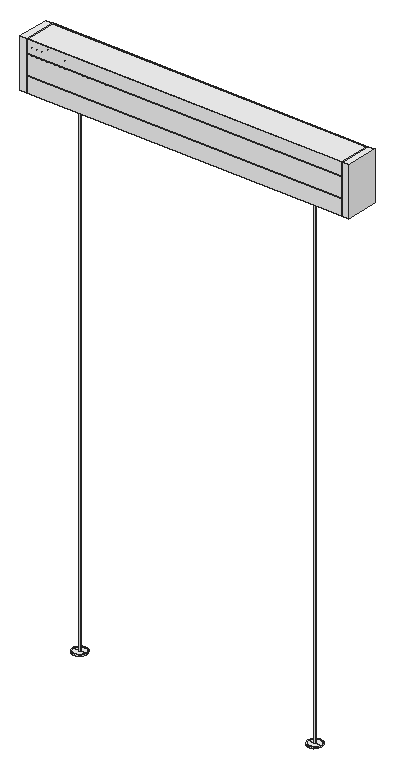
Revit family "2.3 inch  MAGIC WALL WASH LINEAR LIGHT", category Lighting Fixtures, host Face, Revit 2020
Family settings
  Host = Face
  Round Connector Dimension = Use Diameter
  Part Type = Normal
  Cut with Voids When Loaded = No
  Light Source = Yes
  Shared = No
  Room Calculation Point = No
Parameters (values of type "MAG0623-SW1-PSM-WID-FDL")
  Wattage Comments = "10W/15W/20W"
  Wattage = 15.4838 W
  Wall Mount = no
  built-in parameter 1150110 = 1 (stored number, unit not read)
  Voltage = "120-277 V"  # constant formula
  URL = "https://www.abovealllighting.com/product/LED-INDOOR-FIXTURE/Linear/23InchMagicWallWashLinearLightDirectIndi.html"
  Type Comments = "2.3 MAGIC WALL WASH LINEAR LIGHT"  # constant formula
  built-in parameter 1114217 = 1 (stored number, unit not read)
  Tilt Angle = -90.00°
  built-in parameter 1150109 = 1 (stored number, unit not read)
  built-in parameter 1150134 = 12
  Suspenders Distance = Fixture Length - 0' 6 23/32"  # 1' - 4 251/256"
  Surface Mount = yes
  built-in parameter 1150113 = 1 (stored number, unit not read)
  Recessed Mount = no
  Photometric Web File = "generic"
  Pendent Mount = yes
  Pendant Rod Length = 3' - 0"
  Order number = "18362"
  built-in parameter 1150142 = (empty or 0)
  Model = "MAG0623-SW1-PSM-WID-FDL"
  Manufacturer = "Above All Lighting"  # constant formula
  built-in parameter 1150105 = 183.03 (stored number, unit not read)
  Lumens = 2300 lm
  built-in parameter 1150115 = 1 (stored number, unit not read)
  Light Source Height = 3' - 4"
  Light Source Distance = 0' - 0"
  built-in parameter 1150137 = (empty or 0)
  built-in parameter 1150139 = (empty or 0)
  built-in parameter 1150112 = 1 (stored number, unit not read)
  built-in parameter 1150114 = 1 (stored number, unit not read)
  Inside Element = white inside
  built-in parameter 1150132 = 2
  built-in parameter 1150102 = (empty or 0)
  built-in parameter 1150107 = 4000 (stored number, unit not read)
  built-in parameter 1150138 = (empty or 0)
  built-in parameter 1150106 = 1.8303 (stored number, unit not read)
  IP Rating = "20"  # constant formula
  Fixture Width = 0' - 2 87/256"
  Fixture Length = 1' - 11 179/256"
  Fixture Height = 0' - 3 59/128"
  Finish/Color = White Aluminum
  built-in parameter 1150104 = 13.8 (stored number, unit not read)
  Dimming Lamp Color Temperature Shift = <None>
  Dimming / Control = "0-10 V"  # constant formula
  Description = "This Magic Wall Wash Linear Light is 30° tilt for accent lighting. 2.3 wide linear architectural luminaire with \r\na slim and discreet profile. The MAGIC is available in standard lengths of 2, 3, 4, and 8, and can be joined \r\ntogether in seamless runs of desired length. The MAGIC is an affordable indirect/direct linear LED luminaire."  # constant formula
  Default Elevation = 0' - 0"
  Color Filter = 16777215
  CRI = "80"  # constant formula
  built-in parameter 1114218 = 1 (stored number, unit not read)
  Average life based on 77F(HRS) = "50000"  # constant formula
  built-in parameter 1150133 = 10 (stored number, unit not read)
Reference planes (in)
  plane 1 "Center (Front/Back)": y = 0
  plane 2: z = 0
  plane 3 "Center (Left/Right)": x = 0
  plane 4: z = 36
  plane 5: z = 39.12109
  plane 6: x = -11.84961
  plane 7: x = 11.84961
  plane 8: y = 1.16992
  plane 9: y = -1.16992
  plane 10: z = 40
  plane 11: y = 0
Dimensions and locks (in)
  "Pendant Rod Length": plane 4 to plane 2
  locked: plane 5 to plane 4 at 3.12109
  equal spacing: plane 7, plane 3 "Center (Left/Right)", plane 6
  "Fixture Length": plane 7 to plane 6
  equal spacing: plane 8, plane 1 "Center (Front/Back)", plane 9
  "Fixture Width": plane 8 to plane 9
  "Light Source Height": plane 10 to plane 2
  "Light Source Distance": plane 1 "Center (Front/Back)" to plane 11
  aligned and locked: plane 2 to host face
  aligned and locked: level to host face
  aligned and locked: plane 3 "Center (Left/Right)" to nested 1
  aligned and locked: plane 2 to nested 1
  aligned and locked: nested 1 to plane 2
  aligned and locked: plane 1 "Center (Front/Back)" to nested 1
  aligned and locked: plane 1 "Center (Front/Back)" to nested 2
  aligned and locked: plane 3 "Center (Left/Right)" to nested 2
  aligned and locked: plane 2 to nested 2
  aligned and locked: plane 1 "Center (Front/Back)" to nested 3
  aligned and locked: plane 5 to nested 3
  aligned and locked: plane 1 "Center (Front/Back)" to nested 4
  aligned and locked: plane 10 to imposter light
  aligned and locked: imposter light to plane 11
Automatic sketch dimensions
  host sketch curve to host sketch curve = 8' - 0"  (x2)
Nested families (in)
  nested 1: "PENDENT MOUNT BODY" at (0, 0, 0), Pendant Rod Length <- "Pendant Rod Length", Suspenders Distance <- "Suspenders Distance", visible <- "Pendent Mount", Pendent Mount <- "Pendent Mount", Body Material <- "Finish/Color", type "PENDENT MOUNT BODY"
    with Suspenders Distance 1' - 4 251/256", Pendent Mount yes, Pendant Rod Length 3' - 0", Body Material White Aluminum
  nested 2: "RECESSED MOUNT BODY" at (0, 0, 0), Fixture Height <- "Fixture Height", Fixture Length <- "Fixture Length", Fixture Width <- "Fixture Width", Body Material <- "Finish/Color", Inside Element <- "Inside Element", visible <- "Recessed Mount", Recessed Mount <- "Recessed Mount", type "RECESSED MOUNT BODY"
    with Recessed Mount no, Inside Element white inside, Fixture Width 0' - 2 87/256", Fixture Length 1' - 11 179/256", Fixture Height 0' - 3 59/128", Body Material White Aluminum
  nested 3: "SURFACE MOUNT BODY" at (0, 0, 35.66016), Fixture Height <- "Fixture Height", Fixture Length <- "Fixture Length", Fixture Width <- "Fixture Width", Body Material <- "Finish/Color", Inside Element <- "Inside Element", Surface Mount <- "Surface Mount", visible <- "Surface Mount", type "SURFACE MOUNT BODY"
    with Surface Mount yes, Inside Element white inside, Fixture Width 0' - 2 87/256", Fixture Length 1' - 11 179/256", Fixture Height 0' - 3 59/128", Body Material White Aluminum
  nested 4: "WALL MOUNT BODY" at (0, 0, 0), Fixture Height <- "Fixture Height", Fixture Length <- "Fixture Length", Fixture Width <- "Fixture Width", Body Material <- "Finish/Color", Inside Element <- "Inside Element", visible <- "Wall Mount", Wall Mount <- "Wall Mount", type "WALL MOUNT BODY"
    with Wall Mount no, Inside Element white inside, Fixture Width 0' - 2 87/256", Fixture Length 1' - 11 179/256", Fixture Height 0' - 3 59/128", Body Material White Aluminum
Connectors (in)
  electrical at (0, 0, 0)
    settings: on host face, index 1, voltage 0 V, apparent load 0 VA, apparent load phase1 0 VA, apparent load phase2 0 VA, apparent load phase3 0 VA, power factor 1, load classification "Other", number of poles 1, system type 31, power factor state 1, is connector primary yes, connector utility no, sub classification motor no, connector description ""
Definition of nested family "PENDENT MOUNT BODY"
  Parameters (values of type "PENDENT MOUNT BODY")
    Suspenders Distance [instance] = 3' - 0"
    Pendent Mount [instance] = yes
    Pendant Rod Length [instance] = 3' - 0"
    Default Elevation = 0' - 0"
    Body Material [instance] = none
  Reference planes (in)
    plane 1 "Center (Front/Back)": y = 0
    plane 2: z = 0
    plane 3 "Center (Left/Right)": x = 0
    plane 4: z = 36
    plane 5: x = -18
    plane 6: x = 18
  Forms (in)
    Revolve 1, solid, material <- "Body Material", visible <- "Pendent Mount"
      sketch origin (0, 0, 0) x (1, 0, 0) y (0, 0, 1)
        loop
          line (-18, 0) -> (-18, 36) -> (-18.10937, 36) -> (-18.10937, 35.76452) -> (-18.10937, 35.51414) -> (-18.0625, 35.51414) -> (-18.0625, 0.08153) -> (-18.47806, 0.08153)
          arc (-18.47806, 0.08153) -> (-18.49357, 0.0751) -> (-18.5, 0.05959) r 0.02194
          line (-18.5, 0.05959) -> (-18.5, 0) -> (-18, 0)
        axis (-18, 0) -> (-18, 36)
      angle from 0 to 360
    Revolve 2, solid, material <- "Body Material", visible <- "Pendent Mount"
      sketch origin (0, 0, 0) x (-1, 0, 0) y (0, 0, 1)
        loop
          line (-18, 0) -> (-18, 36) -> (-18.10938, 36) -> (-18.10938, 35.76452) -> (-18.10938, 35.51414) -> (-18.0625, 35.51414) -> (-18.0625, 0.08153) -> (-18.47806, 0.08153)
          arc (-18.47806, 0.08153) -> (-18.49357, 0.0751) -> (-18.5, 0.05959) r 0.02194
          line (-18.5, 0.05959) -> (-18.5, 0) -> (-18, 0)
        axis (-18, 0) -> (-18, 36)
      angle from 0 to 360
  Dimensions and locks (in)
    "Pendant Rod Length": plane 4 to plane 2
    equal spacing: plane 6, plane 3 "Center (Left/Right)", plane 5
    "Suspenders Distance": plane 6 to plane 5
    locked: Revolve 1 sketch curve to Revolve 1 sketch curve at 0.5
    locked: Revolve 1 sketch curve to Revolve 1 sketch curve at 0.0625
    locked: Revolve 1 sketch curve to Revolve 1 sketch curve at 0.10937
    locked: Revolve 1 sketch curve to Revolve 1 sketch curve at 0.48586
    locked: Revolve 2 sketch curve to Revolve 2 sketch curve at 0.5
    locked: Revolve 2 sketch curve to Revolve 2 sketch curve at 0.0625
    locked: Revolve 2 sketch curve to Revolve 2 sketch curve at 0.10937
    locked: Revolve 2 sketch curve to Revolve 2 sketch curve at 0.48586
    locked: Revolve 2 sketch curve to Revolve 2 sketch curve at 0.08153
    locked: Revolve 1 sketch curve to Revolve 1 sketch curve at 0.08153
    aligned and locked: plane 2 to level
    aligned and locked: plane 4 to Revolve 1 sketch curve
    aligned and locked: plane 5 to Revolve 1 sketch curve  (x2)
    aligned and locked: plane 2 to Revolve 1 sketch curve
    aligned and locked: Revolve 2 sketch curve to plane 2
    aligned and locked: plane 6 to Revolve 2 sketch curve  (x2)
    aligned and locked: Revolve 2 sketch curve to plane 4
  Automatic sketch dimensions
    Revolve 1 sketch curve to Revolve 1 sketch curve = 0' - 0.02194"
    Revolve 1 sketch curve to plane 4 = 0' - 0.23548"
    Revolve 1 sketch curve to Revolve 1 sketch curve = 0' - 0.35307"
    Revolve 1 sketch curve to Revolve 1 sketch curve = 0' - 0.43823"
    Revolve 2 sketch curve to Revolve 2 sketch curve = 0' - 0.02194"
    plane 4 to Revolve 2 sketch curve = 0' - 0.23548"
    Revolve 2 sketch curve to Revolve 2 sketch curve = 0' - 0.35307"
    Revolve 2 sketch curve to Revolve 2 sketch curve = 0' - 0.43823"
Definition of nested family "SURFACE MOUNT BODY"
  Parameters (values of type "SURFACE MOUNT BODY")
    Surface Mount [instance] = yes
    Inside Element [instance] = none
    Fixture Width [instance] = 0' - 2.34"
    Fixture Length [instance] = 2' - 11.71"
    Fixture Height [instance] = 0' - 3.46"
    Default Elevation = 0' - 0"
    Body Material [instance] = none
  Reference planes (in)
    plane 1 "Center (Front/Back)": y = 0
    plane 2: z = 0
    plane 3 "Center (Left/Right)": x = 0
    plane 4: z = 3.46
    plane 5: y = 1.17
    plane 6: y = -1.17
    plane 7: x = -17.855
    plane 8: x = 17.855
    plane 9: x = 17.355
    plane 10: x = -17.355
    plane 11: z = 0.33938
  Forms (in)
    Extrusion 1, solid, material <- "Body Material", visible <- "Surface Mount"
      sketch origin (0, 0, 0) x (0, 1, 0) y (0, 0, 1)
        loop
          line (1.17, 0) -> (1.17, 1.06892) -> (0.95352, 1.06892) -> (0.95352, 1.15387) -> (1.17, 1.15387) -> (1.17, 2.51051) -> (1.01057, 2.51051) -> (1.01057, 2.55372) -> (1.17, 2.55372) -> (1.17, 3.46) -> (1.11121, 3.46) -> (1.11121, 3.06508) -> (0.96383, 3.06508) -> (0.96383, 2.81508) -> (1.01057, 2.86182) -> (1.01057, 3.00443) -> (1.11121, 3.00443) -> (1.11121, 2.75443) -> (0.96383, 2.75443) -> (0.96383, 2.71329) -> (1.11121, 2.71329) -> (1.11121, 2.63333) -> (0.96383, 2.63333) -> (0.96383, 2.42979) -> (1.11121, 2.42979) -> (1.11121, 2.32984) -> (0.96383, 2.32984) -> (0.96383, 2.2299) -> (1.11121, 2.2299) -> (1.11121, 2.13864) -> (0.96383, 2.13864) -> (0.96383, 2.09084) -> (1.11121, 2.09084) -> (1.11121, 1.95155) -> (0.96383, 1.95155) -> (0.96383, 2.01501) -> (0.88603, 2.01501) -> (0.95352, 1.87028) -> (0.95352, 1.5893) -> (1.01057, 1.5893) -> (1.01057, 1.87787) -> (1.11121, 1.87787) -> (1.11121, 1.20684) -> (0.90512, 1.20684) -> (0.90512, 1.01541) -> (1.11121, 1.01541) -> (1.11121, 0.43453) -> (-0.05129, 0.43453) -> (-1.11121, 0.43453) -> (-1.11121, 1.01541) -> (-0.90512, 1.01541) -> (-0.90512, 1.20684) -> (-1.11121, 1.20684) -> (-1.11121, 1.87787) -> (-1.01057, 1.87787) -> (-1.01057, 1.5893) -> (-0.95352, 1.5893) -> (-0.95352, 1.87028) -> (-0.88603, 2.01501) -> (-0.96383, 2.01501) -> (-0.96383, 1.95155) -> (-1.11121, 1.95155) -> (-1.11121, 2.09084) -> (-0.96383, 2.09084) -> (-0.96383, 2.13864) -> (-1.11121, 2.13864) -> (-1.11121, 2.2299) -> (-0.96383, 2.2299) -> (-0.96383, 2.32984) -> (-1.11121, 2.32984) -> (-1.11121, 2.42979) -> (-0.96383, 2.42979) -> (-0.96383, 2.63333) -> (-1.11121, 2.63333) -> (-1.11121, 2.71329) -> (-0.96383, 2.71329) -> (-0.96383, 2.75443) -> (-1.11121, 2.75443) -> (-1.11121, 3.00443) -> (-1.01057, 3.00443) -> (-1.01057, 2.86182) -> (-0.96383, 2.81508) -> (-0.96383, 3.06508) -> (-1.11121, 3.06508) -> (-1.11121, 3.46) -> (-1.17, 3.46) -> (-1.17, 2.55372) -> (-1.01057, 2.55372) -> (-1.01057, 2.51051) -> (-1.17, 2.51051) -> (-1.17, 1.15387) -> (-0.95352, 1.15387) -> (-0.95352, 1.06892) -> (-1.17, 1.06892) -> (-1.17, 0) -> (-1.11121, 0) -> (-1.11121, 0.33938) -> (-0.03129, 0.33938) -> (1.11121, 0.33938) -> (1.11121, 0) -> (1.17, 0)
      from -17.355 to 17.355
    Extrusion 2, solid, material <- "Body Material", visible <- "Surface Mount"
      sketch origin (0, 0, 0) x (0, 1, 0) y (0, 0, 1)
        loop
          line (0.96383, 2.01501) -> (0.96383, 2.87951) -> (0.84091, 2.87951) -> (1.11121, 3.28025) -> (1.11121, 3.38605) -> (0.99765, 3.38605) -> (0.99765, 3.35338) -> (1.07436, 3.35338) -> (1.07436, 3.28804) -> (0.7988, 2.87951) -> (0.7988, 2.83525) -> (0.85396, 2.83525) -> (0.57141, 2.41636) -> (0.49966, 2.45292) -> (0.52411, 2.50091) -> (0.33223, 2.59868) -> (0.30777, 2.55069) -> (-0.907, 3.16965) -> (-1.07436, 3.25492) -> (-1.07436, 3.35338) -> (-0.99765, 3.35338) -> (-0.99765, 3.38605) -> (-1.11121, 3.38605) -> (-1.11121, 3.28025) -> (-1.11121, 3.21472) -> (-0.9648, 3.14011) -> (-0.9648, 2.01501) -> (0.96383, 2.01501)
        loop
          line (0, 2.07121) -> (0.89431, 2.07121) -> (0.89431, 2.82121) -> (0.57888, 2.35357) -> (0.44002, 2.42433) -> (0.46387, 2.47115) -> (0.35657, 2.52582) -> (0.33271, 2.479) -> (-0.88974, 3.10187) -> (-0.88974, 2.07121) -> (0, 2.07121)
      from -17.355 to 17.355
    Extrusion 3, solid, material <- "Inside Element", visible <- "Surface Mount"
      sketch origin (0, 0, 0) x (0, 1, 0) y (0, 0, 1)
        loop
          line (1.11121, 3.46) -> (-1.11121, 3.46) -> (-1.11121, 3.38605) -> (-0.99765, 3.38605) -> (-0.99765, 3.35338) -> (-1.036, 3.35338) -> (-1.036, 3.3102) -> (-0.96982, 3.3102) -> (-0.96982, 3.38605) -> (0.96982, 3.38605) -> (0.96982, 3.3102) -> (1.036, 3.3102) -> (1.036, 3.35338) -> (0.99765, 3.35338) -> (0.99765, 3.38605) -> (1.11121, 3.38605) -> (1.11121, 3.46)
      from -17.355 to 17.355
    Extrusion 4, solid, material <- "Body Material", visible <- "Surface Mount"
      sketch origin (0, 0, 0) x (1, 0, 0) y (0, 1, 0)
        loop
          line (17.355, 1.17) -> (17.355, -1.17) -> (17.855, -1.17) -> (17.855, 1.17) -> (17.355, 1.17)
        loop
          line (-17.355, 1.17) -> (-17.855, 1.17) -> (-17.855, -1.17) -> (-17.355, -1.17) -> (-17.355, 1.17)
      from 0 to 3.46
  Dimensions and locks (in)
    "Fixture Height": plane 4 to plane 2
    equal spacing: plane 5, plane 1 "Center (Front/Back)", plane 6
    "Fixture Width": plane 5 to plane 6
    equal spacing: plane 8, plane 3 "Center (Left/Right)", plane 7
    "Fixture Length": plane 8 to plane 7
    locked: plane 8 to plane 9 at 0.5
    locked: plane 7 to plane 10 at 0.5
    locked: plane 11 to plane 2 at 0.33938
    aligned and locked: plane 2 to level
    aligned and locked: plane 6 to Extrusion 4
    aligned and locked: Extrusion 4 to plane 5
    aligned and locked: Extrusion 1 to plane 2  (x2)
    aligned and locked: Extrusion 1 to plane 11  (x2)
    aligned and locked: plane 4 to Extrusion 4
    aligned and locked: Extrusion 4 to plane 4  (x7)
    aligned and locked: plane 4 to Extrusion 3
    aligned and locked: plane 4 to Extrusion 1  (x2)
    aligned and locked: Extrusion 4 to plane 7
    aligned and locked: plane 8 to Extrusion 4
    aligned and locked: Extrusion 4 to plane 2
    aligned and locked: plane 2 to Extrusion 4
    aligned and locked: Extrusion 4 to Extrusion 1  (x2)
    aligned and locked: Extrusion 3 to Extrusion 1
    aligned and locked: Extrusion 1 to Extrusion 3
    aligned and locked: Extrusion 1 to Extrusion 2  (x2)
    aligned and locked: plane 10 to Extrusion 3
    aligned and locked: Extrusion 3 to Extrusion 2
    aligned and locked: plane 9 to Extrusion 3
    aligned and locked: Extrusion 3 to plane 9  (x3)
    aligned and locked: Extrusion 3 to plane 10  (x3)
  Automatic sketch dimensions
    Extrusion 1 sketch curve to level = 0' - 0"  (x2)
    Extrusion 1 sketch curve to plane 6 = 0' - 0"  (x3)
    Extrusion 1 sketch curve to plane 4 = 0' - 0"  (x2)
    plane 1 "Center (Front/Back)" to Extrusion 1 sketch curve = 0' - 0.03129"
    plane 1 "Center (Front/Back)" to Extrusion 1 sketch curve = 0' - 0.05129"
    Extrusion 1 sketch curve to plane 5 = 0' - 0"  (x3)
    Extrusion 1 sketch curve to plane 6 = 0' - 0.05879"  (x5)
    Extrusion 1 sketch curve to Extrusion 1 sketch curve = 0' - 0.05879"  (x3)
    Extrusion 1 sketch curve to Extrusion 1 sketch curve = 0' - 0"  (x10)
    Extrusion 1 sketch curve to Extrusion 1 sketch curve = 0' - 0.10064"  (x3)
    Extrusion 1 sketch curve to Extrusion 1 sketch curve = 0' - 0.04674"  (x5)
    Extrusion 1 sketch curve to Extrusion 1 sketch curve = 0' - 0.14738"
    Extrusion 1 sketch curve to Extrusion 1 sketch curve = 0' - 0.15769"
    Extrusion 1 sketch curve to Extrusion 1 sketch curve = 0' - 0.05704"  (x2)
    Extrusion 1 sketch curve to Extrusion 1 sketch curve = 0' - 0.0484"  (x2)
    Extrusion 1 sketch curve to Extrusion 1 sketch curve = 0' - 0.0778"
    plane 5 to Extrusion 1 sketch curve = 0' - 0.28397"
    plane 5 to Extrusion 1 sketch curve = 0' - 0.26488"
    plane 5 to Extrusion 1 sketch curve = 0' - 0.21648"
    plane 5 to Extrusion 1 sketch curve = 0' - 0.20617"
    Extrusion 1 sketch curve to Extrusion 1 sketch curve = 0' - 0.01031"
    plane 5 to Extrusion 1 sketch curve = 0' - 0.05879"  (x8)
    Extrusion 1 sketch curve to Extrusion 1 sketch curve = 0' - 0.33938"
    Extrusion 1 sketch curve to Extrusion 1 sketch curve = 0' - 0.09515"
    Extrusion 1 sketch curve to Extrusion 1 sketch curve = 0' - 0.58088"  (x2)
    Extrusion 1 sketch curve to Extrusion 1 sketch curve = 0' - 0.05351"  (x2)
    Extrusion 1 sketch curve to Extrusion 1 sketch curve = 0' - 0.08495"  (x2)
    Extrusion 1 sketch curve to Extrusion 1 sketch curve = 0' - 0.05297"  (x2)
    Extrusion 1 sketch curve to Extrusion 1 sketch curve = 0' - 0.38246"  (x2)
    Extrusion 1 sketch curve to Extrusion 1 sketch curve = 0' - 0.28098"  (x2)
    Extrusion 1 sketch curve to Extrusion 1 sketch curve = 0' - 0.0076"  (x2)
    Extrusion 1 sketch curve to Extrusion 1 sketch curve = 0' - 0.08128"
    Extrusion 1 sketch curve to Extrusion 1 sketch curve = 0' - 0.07368"
    Extrusion 1 sketch curve to Extrusion 1 sketch curve = 0' - 0.06346"  (x2)
    Extrusion 1 sketch curve to Extrusion 1 sketch curve = 0' - 0.13929"
    Extrusion 1 sketch curve to Extrusion 1 sketch curve = 0' - 0.07583"
    Extrusion 1 sketch curve to Extrusion 1 sketch curve = 0' - 0.0478"  (x2)
    Extrusion 1 sketch curve to Extrusion 1 sketch curve = 0' - 0.09125"  (x2)
    Extrusion 1 sketch curve to Extrusion 1 sketch curve = 0' - 0.09994"  (x4)
    Extrusion 1 sketch curve to Extrusion 1 sketch curve = 0' - 0.08072"  (x2)
    Extrusion 1 sketch curve to Extrusion 1 sketch curve = 0' - 0.04321"  (x2)
    Extrusion 1 sketch curve to Extrusion 1 sketch curve = 0' - 0.07961"  (x2)
    Extrusion 1 sketch curve to Extrusion 1 sketch curve = 0' - 0.07996"  (x2)
    Extrusion 1 sketch curve to Extrusion 1 sketch curve = 0' - 0.04114"  (x2)
    Extrusion 1 sketch curve to Extrusion 1 sketch curve = 0' - 0.06065"  (x4)
    Extrusion 1 sketch curve to Extrusion 1 sketch curve = 0' - 0.14261"  (x2)
    Extrusion 2 sketch curve to plane 1 "Center (Front/Back)" = 0' - 0"
    Extrusion 2 sketch curve to plane 6 = 0' - 0.28026"
    Extrusion 2 sketch curve to Extrusion 2 sketch curve = 0' - 0.01726"
    Extrusion 2 sketch curve to Extrusion 2 sketch curve = 0' - 0.0578"
    Extrusion 2 sketch curve to plane 6 = 0' - 0.17235"
    Extrusion 2 sketch curve to plane 6 = 0' - 0.09564"
    Extrusion 2 sketch curve to Extrusion 2 sketch curve = 0' - 0.03685"  (x2)
    Extrusion 2 sketch curve to plane 1 "Center (Front/Back)" = 0' - 0.30777"
    Extrusion 2 sketch curve to Extrusion 2 sketch curve = 0' - 0.02445"  (x2)
    Extrusion 2 sketch curve to Extrusion 2 sketch curve = 0' - 0.02494"
    Extrusion 2 sketch curve to Extrusion 2 sketch curve = 0' - 0.02386"  (x2)
    Extrusion 2 sketch curve to Extrusion 2 sketch curve = 0' - 0.1073"
    Extrusion 2 sketch curve to Extrusion 2 sketch curve = 0' - 0.03578"
    Extrusion 2 sketch curve to Extrusion 2 sketch curve = 0' - 0.07175"
    Extrusion 2 sketch curve to Extrusion 2 sketch curve = 0' - 0.00747"
    plane 5 to Extrusion 2 sketch curve = 0' - 0.3712"
    Extrusion 2 sketch curve to Extrusion 2 sketch curve = 0' - 0.04211"
    Extrusion 2 sketch curve to Extrusion 2 sketch curve = 0' - 0.01305"
    Extrusion 2 sketch curve to Extrusion 2 sketch curve = 0' - 0.04035"
    Extrusion 2 sketch curve to Extrusion 2 sketch curve = 0' - 0.06952"
    plane 5 to Extrusion 2 sketch curve = 0' - 0.17235"
    plane 5 to Extrusion 2 sketch curve = 0' - 0.09564"
    Extrusion 2 sketch curve to plane 4 = 0' - 1.44499"
    Extrusion 2 sketch curve to Extrusion 2 sketch curve = 0' - 0.0562"
    Extrusion 2 sketch curve to Extrusion 2 sketch curve = 0' - 0.28236"
    Extrusion 2 sketch curve to Extrusion 2 sketch curve = 0' - 0.06279"
    Extrusion 2 sketch curve to Extrusion 2 sketch curve = 0' - 0.00797"
    Extrusion 2 sketch curve to Extrusion 2 sketch curve = 0' - 0.01823"
    Extrusion 2 sketch curve to Extrusion 2 sketch curve = 0' - 0 41/128"
    Extrusion 2 sketch curve to Extrusion 2 sketch curve = 0' - 0.01405"
    Extrusion 2 sketch curve to Extrusion 2 sketch curve = 0' - 0.05831"
    Extrusion 2 sketch curve to Extrusion 2 sketch curve = 0' - 0"
    Extrusion 2 sketch curve to Extrusion 2 sketch curve = 0' - 0.02953"
    Extrusion 2 sketch curve to Extrusion 2 sketch curve = 0' - 0.0746"
    Extrusion 2 sketch curve to Extrusion 2 sketch curve = 0' - 0.0402"
    Extrusion 2 sketch curve to Extrusion 2 sketch curve = 0' - 0.02533"
    Extrusion 2 sketch curve to plane 4 = 0' - 0.17975"
    Extrusion 2 sketch curve to Extrusion 2 sketch curve = 0' - 0.00779"
    Extrusion 2 sketch curve to Extrusion 2 sketch curve = 0' - 0.06534"
    Extrusion 2 sketch curve to Extrusion 2 sketch curve = 0' - 0.07313"
    Extrusion 2 sketch curve to Extrusion 2 sketch curve = 0' - 0.03267"  (x2)
    Extrusion 3 sketch curve to plane 4 = 0' - 0"
    Extrusion 3 sketch curve to plane 6 = 0' - 0.05879"
    Extrusion 3 sketch curve to Extrusion 3 sketch curve = 0' - 0.07521"
    Extrusion 3 sketch curve to Extrusion 3 sketch curve = 0' - 0.03835"  (x2)
    Extrusion 3 sketch curve to Extrusion 3 sketch curve = 0' - 0.02783"  (x2)
    Extrusion 3 sketch curve to plane 4 = 0' - 0.07395"  (x2)
    plane 5 to Extrusion 3 sketch curve = 0' - 0.20018"
    plane 5 to Extrusion 3 sketch curve = 0' - 0.05879"
    Extrusion 3 sketch curve to Extrusion 3 sketch curve = 0' - 0.03267"  (x2)
    Extrusion 3 sketch curve to Extrusion 3 sketch curve = 0' - 0.04318"  (x2)
    Extrusion 3 sketch curve to Extrusion 3 sketch curve = 0' - 0"
    plane 5 to Extrusion 4 sketch curve = 0' - 0"  (x2)
    Extrusion 4 sketch curve to plane 7 = 0' - 0"
    plane 6 to Extrusion 4 sketch curve = 0' - 0"  (x2)
    Extrusion 4 sketch curve to plane 10 = 0' - 0"
    Extrusion 4 sketch curve to plane 9 = 0' - 0"
    Extrusion 4 sketch curve to plane 8 = 0' - 0"
Definition of nested family "RECESSED MOUNT BODY"
  Parameters (values of type "RECESSED MOUNT BODY")
    Recessed Mount [instance] = yes
    Inside Element [instance] = none
    Fixture Width [instance] = 0' - 2.34"
    Fixture Length [instance] = 2' - 11.71"
    Fixture Height [instance] = 0' - 3.46"
    Default Elevation = 0' - 0"
    Body Material [instance] = none
  Reference planes (in)
    plane 1 "Center (Front/Back)": y = 0
    plane 2: z = 0
    plane 3 "Center (Left/Right)": x = 0
    plane 4: z = 3.46
    plane 5: y = 1.17
    plane 6: y = -1.17
    plane 7: x = -17.855
    plane 8: x = 17.855
    plane 9: x = 17.355
    plane 10: x = -17.355
    plane 11: z = 0.33938
  Forms (in)
    Extrusion 1, solid, material <- "Body Material", visible <- "Recessed Mount"
      sketch origin (0, 0, -3.46) x (0, 1, 0) y (0, 0, 1)
        loop
          line (1.17, 0) -> (1.17, 1.06892) -> (0.95352, 1.06892) -> (0.95352, 1.15387) -> (1.17, 1.15387) -> (1.17, 2.51051) -> (1.01057, 2.51051) -> (1.01057, 2.55372) -> (1.17, 2.55372) -> (1.17, 3.46) -> (1.11121, 3.46) -> (1.11121, 3.06508) -> (0.96383, 3.06508) -> (0.96383, 2.81508) -> (1.01057, 2.86182) -> (1.01057, 3.00443) -> (1.11121, 3.00443) -> (1.11121, 2.75443) -> (0.96383, 2.75443) -> (0.96383, 2.71329) -> (1.11121, 2.71329) -> (1.11121, 2.63333) -> (0.96383, 2.63333) -> (0.96383, 2.42979) -> (1.11121, 2.42979) -> (1.11121, 2.32984) -> (0.96383, 2.32984) -> (0.96383, 2.2299) -> (1.11121, 2.2299) -> (1.11121, 2.13864) -> (0.96383, 2.13864) -> (0.96383, 2.09084) -> (1.11121, 2.09084) -> (1.11121, 1.95155) -> (0.96383, 1.95155) -> (0.96383, 2.01501) -> (0.88603, 2.01501) -> (0.95352, 1.87028) -> (0.95352, 1.5893) -> (1.01057, 1.5893) -> (1.01057, 1.87787) -> (1.11121, 1.87787) -> (1.11121, 1.20684) -> (0.90512, 1.20684) -> (0.90512, 1.01541) -> (1.11121, 1.01541) -> (1.11121, 0.43453) -> (-0.05129, 0.43453) -> (-1.11121, 0.43453) -> (-1.11121, 1.01541) -> (-0.90512, 1.01541) -> (-0.90512, 1.20684) -> (-1.11121, 1.20684) -> (-1.11121, 1.87787) -> (-1.01057, 1.87787) -> (-1.01057, 1.5893) -> (-0.95352, 1.5893) -> (-0.95352, 1.87028) -> (-0.88603, 2.01501) -> (-0.96383, 2.01501) -> (-0.96383, 1.95155) -> (-1.11121, 1.95155) -> (-1.11121, 2.09084) -> (-0.96383, 2.09084) -> (-0.96383, 2.13864) -> (-1.11121, 2.13864) -> (-1.11121, 2.2299) -> (-0.96383, 2.2299) -> (-0.96383, 2.32984) -> (-1.11121, 2.32984) -> (-1.11121, 2.42979) -> (-0.96383, 2.42979) -> (-0.96383, 2.63333) -> (-1.11121, 2.63333) -> (-1.11121, 2.71329) -> (-0.96383, 2.71329) -> (-0.96383, 2.75443) -> (-1.11121, 2.75443) -> (-1.11121, 3.00443) -> (-1.01057, 3.00443) -> (-1.01057, 2.86182) -> (-0.96383, 2.81508) -> (-0.96383, 3.06508) -> (-1.11121, 3.06508) -> (-1.11121, 3.46) -> (-1.17, 3.46) -> (-1.17, 2.55372) -> (-1.01057, 2.55372) -> (-1.01057, 2.51051) -> (-1.17, 2.51051) -> (-1.17, 1.15387) -> (-0.95352, 1.15387) -> (-0.95352, 1.06892) -> (-1.17, 1.06892) -> (-1.17, 0) -> (-1.11121, 0) -> (-1.11121, 0.33938) -> (-0.03129, 0.33938) -> (1.11121, 0.33938) -> (1.11121, 0) -> (1.17, 0)
      from -17.355 to 17.355
    Extrusion 2, solid, material <- "Body Material", visible <- "Recessed Mount"
      sketch origin (0, 0, -3.46) x (0, 1, 0) y (0, 0, 1)
        loop
          line (0.96383, 2.01501) -> (0.96383, 2.87951) -> (0.84091, 2.87951) -> (1.11121, 3.28025) -> (1.11121, 3.38605) -> (0.99765, 3.38605) -> (0.99765, 3.35338) -> (1.07436, 3.35338) -> (1.07436, 3.28804) -> (0.7988, 2.87951) -> (0.7988, 2.83525) -> (0.85396, 2.83525) -> (0.57141, 2.41636) -> (0.49966, 2.45292) -> (0.52411, 2.50091) -> (0.33223, 2.59868) -> (0.30777, 2.55069) -> (-0.907, 3.16965) -> (-1.07436, 3.25492) -> (-1.07436, 3.35338) -> (-0.99765, 3.35338) -> (-0.99765, 3.38605) -> (-1.11121, 3.38605) -> (-1.11121, 3.28025) -> (-1.11121, 3.21472) -> (-0.9648, 3.14011) -> (-0.9648, 2.01501) -> (0.96383, 2.01501)
        loop
          line (0, 2.07121) -> (0.89431, 2.07121) -> (0.89431, 2.82121) -> (0.57888, 2.35357) -> (0.44002, 2.42433) -> (0.46387, 2.47115) -> (0.35657, 2.52582) -> (0.33271, 2.479) -> (-0.88974, 3.10187) -> (-0.88974, 2.07121) -> (0, 2.07121)
      from -17.355 to 17.355
    Extrusion 3, solid, material <- "Inside Element", visible <- "Recessed Mount"
      sketch origin (0, 0, -3.46) x (0, 1, 0) y (0, 0, 1)
        loop
          line (1.11121, 3.46) -> (-1.11121, 3.46) -> (-1.11121, 3.38605) -> (-0.99765, 3.38605) -> (-0.99765, 3.35338) -> (-1.036, 3.35338) -> (-1.036, 3.3102) -> (-0.96982, 3.3102) -> (-0.96982, 3.38605) -> (0.96982, 3.38605) -> (0.96982, 3.3102) -> (1.036, 3.3102) -> (1.036, 3.35338) -> (0.99765, 3.35338) -> (0.99765, 3.38605) -> (1.11121, 3.38605) -> (1.11121, 3.46)
      from -17.355 to 17.355
    Extrusion 4, solid, material <- "Body Material", visible <- "Recessed Mount"
      sketch origin (0, 0, -3.46) x (1, 0, 0) y (0, 1, 0)
        loop
          line (17.355, 1.17) -> (17.355, -1.17) -> (17.855, -1.17) -> (17.855, 1.17) -> (17.355, 1.17)
        loop
          line (-17.355, 1.17) -> (-17.855, 1.17) -> (-17.855, -1.17) -> (-17.355, -1.17) -> (-17.355, 1.17)
      from 0 to 3.46
  Dimensions and locks (in)
    "Fixture Height": plane 4 to plane 2
    equal spacing: plane 5, plane 1 "Center (Front/Back)", plane 6
    "Fixture Width": plane 5 to plane 6
    equal spacing: plane 8, plane 3 "Center (Left/Right)", plane 7
    "Fixture Length": plane 8 to plane 7
    locked: plane 8 to plane 9 at 0.5
    locked: plane 7 to plane 10 at 0.5
    locked: plane 11 to plane 2 at 0.33938
    locked: Extrusion 1 sketch curve to Extrusion 1 sketch curve at 0.05879  (x2)
    locked: Extrusion 1 sketch curve to Extrusion 1 sketch curve at 0.09515
    aligned and locked: plane 2 to level
    aligned and locked: Extrusion 1 to plane 5
    aligned and locked: plane 6 to Extrusion 1
    aligned and locked: plane 2 to Extrusion 1 sketch curve
    aligned and locked: Extrusion 1 sketch curve to plane 2
    aligned and locked: plane 5 to Extrusion 1 sketch curve  (x2)
    aligned and locked: plane 6 to Extrusion 4
    aligned and locked: plane 2 to Extrusion 4
    aligned and locked: Extrusion 4 to plane 2
    aligned and locked: plane 2 to Extrusion 3
    aligned and locked: Extrusion 4 to plane 7
    aligned and locked: Extrusion 4 to plane 10
    aligned and locked: plane 8 to Extrusion 4
    aligned and locked: Extrusion 4 to plane 9
    aligned and locked: plane 10 to Extrusion 1
    aligned and locked: plane 9 to Extrusion 1
    aligned and locked: plane 9 to Extrusion 2
    aligned and locked: plane 10 to Extrusion 2
    aligned and locked: plane 10 to Extrusion 3
    aligned and locked: plane 9 to Extrusion 3
  Automatic sketch dimensions
    Extrusion 1 sketch curve to plane 6 = 0' - 0"  (x3)
    Extrusion 1 sketch curve to plane 5 = 0' - 0"
    Extrusion 1 sketch curve to plane 6 = 0' - 0.05879"  (x5)
    Extrusion 1 sketch curve to Extrusion 1 sketch curve = 0' - 0"  (x10)
    Extrusion 1 sketch curve to Extrusion 1 sketch curve = 0' - 0.05879"  (x2)
    Extrusion 1 sketch curve to Extrusion 1 sketch curve = 0' - 0.10064"  (x3)
    Extrusion 1 sketch curve to Extrusion 1 sketch curve = 0' - 0.04674"  (x5)
    Extrusion 1 sketch curve to Extrusion 1 sketch curve = 0' - 0.14738"
    Extrusion 1 sketch curve to Extrusion 1 sketch curve = 0' - 0.15769"
    Extrusion 1 sketch curve to Extrusion 1 sketch curve = 0' - 0.05704"  (x2)
    Extrusion 1 sketch curve to Extrusion 1 sketch curve = 0' - 0.0484"  (x2)
    Extrusion 1 sketch curve to Extrusion 1 sketch curve = 0' - 0.0778"
    plane 1 "Center (Front/Back)" to Extrusion 1 sketch curve = 0' - 0.05129"
    plane 1 "Center (Front/Back)" to Extrusion 1 sketch curve = 0' - 0.03129"
    plane 5 to Extrusion 1 sketch curve = 0' - 0.28397"
    plane 5 to Extrusion 1 sketch curve = 0' - 0.26488"
    plane 5 to Extrusion 1 sketch curve = 0' - 0.21648"
    plane 5 to Extrusion 1 sketch curve = 0' - 0.20617"
    Extrusion 1 sketch curve to Extrusion 1 sketch curve = 0' - 0.01031"
    plane 5 to Extrusion 1 sketch curve = 0' - 0.05879"  (x7)
    Extrusion 1 sketch curve to level = 0' - 0.39492"  (x2)
    Extrusion 1 sketch curve to Extrusion 1 sketch curve = 0' - 0.06065"  (x3)
    Extrusion 1 sketch curve to Extrusion 1 sketch curve = 0' - 0.14261"  (x2)
    Extrusion 1 sketch curve to Extrusion 1 sketch curve = 0' - 0.10739"
    Extrusion 1 sketch curve to Extrusion 1 sketch curve = 0' - 0.04114"  (x2)
    Extrusion 1 sketch curve to Extrusion 1 sketch curve = 0' - 0.07996"  (x2)
    Extrusion 1 sketch curve to Extrusion 1 sketch curve = 0' - 0.07961"  (x2)
    Extrusion 1 sketch curve to Extrusion 1 sketch curve = 0' - 0.04321"  (x2)
    Extrusion 1 sketch curve to Extrusion 1 sketch curve = 0' - 0.08072"  (x2)
    Extrusion 1 sketch curve to Extrusion 1 sketch curve = 0' - 0.09994"  (x4)
    Extrusion 1 sketch curve to Extrusion 1 sketch curve = 0' - 0.09125"  (x2)
    Extrusion 1 sketch curve to Extrusion 1 sketch curve = 0' - 0.0478"  (x2)
    Extrusion 1 sketch curve to Extrusion 1 sketch curve = 0' - 0.07583"  (x2)
    Extrusion 1 sketch curve to Extrusion 1 sketch curve = 0' - 0.06346"  (x2)
    Extrusion 1 sketch curve to Extrusion 1 sketch curve = 0' - 0.07368"  (x2)
    Extrusion 1 sketch curve to Extrusion 1 sketch curve = 0' - 0.0076"  (x2)
    Extrusion 1 sketch curve to Extrusion 1 sketch curve = 0' - 0.28098"  (x2)
    Extrusion 1 sketch curve to Extrusion 1 sketch curve = 0' - 0.38246"  (x2)
    Extrusion 1 sketch curve to Extrusion 1 sketch curve = 0' - 0.05297"  (x2)
    Extrusion 1 sketch curve to Extrusion 1 sketch curve = 0' - 0.08495"  (x2)
    Extrusion 1 sketch curve to Extrusion 1 sketch curve = 0' - 0.05351"  (x2)
    Extrusion 1 sketch curve to Extrusion 1 sketch curve = 0' - 0.58088"
    Extrusion 1 sketch curve to Extrusion 1 sketch curve = 0' - 0.33938"  (x2)
    Extrusion 2 sketch curve to plane 1 "Center (Front/Back)" = 0' - 0"
    Extrusion 2 sketch curve to plane 6 = 0' - 0.28026"
    Extrusion 2 sketch curve to Extrusion 2 sketch curve = 0' - 0.01726"
    Extrusion 2 sketch curve to Extrusion 2 sketch curve = 0' - 0.07506"
    Extrusion 2 sketch curve to plane 6 = 0' - 0.17235"
    Extrusion 2 sketch curve to plane 6 = 0' - 0.09564"
    Extrusion 2 sketch curve to Extrusion 2 sketch curve = 0' - 0.03685"  (x2)
    Extrusion 2 sketch curve to plane 1 "Center (Front/Back)" = 0' - 0.30777"
    Extrusion 2 sketch curve to Extrusion 2 sketch curve = 0' - 0.02445"  (x2)
    Extrusion 2 sketch curve to Extrusion 2 sketch curve = 0' - 0.02494"
    Extrusion 2 sketch curve to Extrusion 2 sketch curve = 0' - 0.02386"  (x2)
    Extrusion 2 sketch curve to Extrusion 2 sketch curve = 0' - 0.1073"
    Extrusion 2 sketch curve to Extrusion 2 sketch curve = 0' - 0.03578"
    Extrusion 2 sketch curve to Extrusion 2 sketch curve = 0' - 0.07175"
    Extrusion 2 sketch curve to Extrusion 2 sketch curve = 0' - 0.00747"
    plane 5 to Extrusion 2 sketch curve = 0' - 0.3712"
    Extrusion 2 sketch curve to Extrusion 2 sketch curve = 0' - 0.04211"
    Extrusion 2 sketch curve to Extrusion 2 sketch curve = 0' - 0.01305"
    plane 5 to Extrusion 2 sketch curve = 0' - 0.27569"
    Extrusion 2 sketch curve to Extrusion 2 sketch curve = 0' - 0.06952"
    plane 5 to Extrusion 2 sketch curve = 0' - 0.17235"
    Extrusion 2 sketch curve to Extrusion 2 sketch curve = 0' - 0.07671"
    Extrusion 2 sketch curve to level = 0' - 1.44499"
    Extrusion 2 sketch curve to Extrusion 2 sketch curve = 0' - 0.0562"
    Extrusion 2 sketch curve to Extrusion 2 sketch curve = 0' - 0.28236"
    Extrusion 2 sketch curve to Extrusion 2 sketch curve = 0' - 0.06279"
    Extrusion 2 sketch curve to Extrusion 2 sketch curve = 0' - 0.00797"
    Extrusion 2 sketch curve to Extrusion 2 sketch curve = 0' - 0.01823"
    Extrusion 2 sketch curve to Extrusion 2 sketch curve = 0' - 0 41/128"
    Extrusion 2 sketch curve to Extrusion 2 sketch curve = 0' - 0.01405"
    Extrusion 2 sketch curve to Extrusion 2 sketch curve = 0' - 0.05831"
    Extrusion 2 sketch curve to Extrusion 2 sketch curve = 0' - 0"
    Extrusion 2 sketch curve to Extrusion 2 sketch curve = 0' - 0.02953"
    Extrusion 2 sketch curve to Extrusion 2 sketch curve = 0' - 0.0746"
    Extrusion 2 sketch curve to Extrusion 2 sketch curve = 0' - 0.0402"
    Extrusion 2 sketch curve to level = 0' - 0.17975"
    Extrusion 2 sketch curve to Extrusion 2 sketch curve = 0' - 0.02533"
    Extrusion 2 sketch curve to Extrusion 2 sketch curve = 0' - 0.00779"
    Extrusion 2 sketch curve to Extrusion 2 sketch curve = 0' - 0.06534"
    Extrusion 2 sketch curve to Extrusion 2 sketch curve = 0' - 0.07313"
    Extrusion 2 sketch curve to Extrusion 2 sketch curve = 0' - 0.03267"  (x2)
    Extrusion 3 sketch curve to level = 0' - 0"
    Extrusion 3 sketch curve to plane 6 = 0' - 0.05879"
    Extrusion 3 sketch curve to Extrusion 3 sketch curve = 0' - 0.07521"
    Extrusion 3 sketch curve to Extrusion 3 sketch curve = 0' - 0.03835"  (x2)
    Extrusion 3 sketch curve to Extrusion 3 sketch curve = 0' - 0.02783"  (x2)
    Extrusion 3 sketch curve to level = 0' - 0.07395"  (x2)
    plane 5 to Extrusion 3 sketch curve = 0' - 0.20018"
    plane 5 to Extrusion 3 sketch curve = 0' - 0.05879"
    Extrusion 3 sketch curve to Extrusion 3 sketch curve = 0' - 0.03267"  (x2)
    Extrusion 3 sketch curve to Extrusion 3 sketch curve = 0' - 0.04318"  (x2)
    Extrusion 3 sketch curve to Extrusion 3 sketch curve = 0' - 0"
    plane 5 to Extrusion 4 sketch curve = 0' - 0"  (x2)
    Extrusion 4 sketch curve to plane 7 = 0' - 0"
    plane 6 to Extrusion 4 sketch curve = 0' - 0"  (x2)
    Extrusion 4 sketch curve to plane 10 = 0' - 0"
    Extrusion 4 sketch curve to plane 9 = 0' - 0"
    Extrusion 4 sketch curve to plane 8 = 0' - 0"
Definition of nested family "WALL MOUNT BODY"
  Parameters (values of type "WALL MOUNT BODY")
    Wall Mount [instance] = yes
    Inside Element [instance] = none
    Fixture Width [instance] = 0' - 2.34"
    Fixture Length [instance] = 5' - 0"
    Fixture Height [instance] = 0' - 3.46"
    Default Elevation = 0' - 0"
    Body Material [instance] = none
  Reference planes (in)
    plane 1 "Center (Front/Back)": y = 0
    plane 2: z = 0
    plane 3 "Center (Left/Right)": x = 0
    plane 4: z = 3.46
    plane 5: y = 1.17
    plane 6: y = -1.17
    plane 7: x = -30
    plane 8: x = 30
    plane 9: x = 29.5
    plane 10: x = -29.5
    plane 11: z = 0.33938
    plane 12: y = -1.73
    plane 13: y = 1.73
    plane 14: z = 2.34
  Forms (in)
    Extrusion 1, solid, material <- "Body Material", visible <- "Wall Mount"
      sketch origin (0, -1.73, 1.17) x (0, 0, -1) y (0, 1, 0)
        loop
          line (1.17, 0) -> (1.17, 1.06892) -> (0.95352, 1.06892) -> (0.95352, 1.15387) -> (1.17, 1.15387) -> (1.17, 2.51051) -> (1.01057, 2.51051) -> (1.01057, 2.55372) -> (1.17, 2.55372) -> (1.17, 3.46) -> (1.11121, 3.46) -> (1.11121, 3.06508) -> (0.96383, 3.06508) -> (0.96383, 2.81508) -> (1.01057, 2.86182) -> (1.01057, 3.00443) -> (1.11121, 3.00443) -> (1.11121, 2.75443) -> (0.96383, 2.75443) -> (0.96383, 2.71329) -> (1.11121, 2.71329) -> (1.11121, 2.63333) -> (0.96383, 2.63333) -> (0.96383, 2.42979) -> (1.11121, 2.42979) -> (1.11121, 2.32984) -> (0.96383, 2.32984) -> (0.96383, 2.2299) -> (1.11121, 2.2299) -> (1.11121, 2.13864) -> (0.96383, 2.13864) -> (0.96383, 2.09084) -> (1.11121, 2.09084) -> (1.11121, 1.95155) -> (0.96383, 1.95155) -> (0.96383, 2.01501) -> (0.88603, 2.01501) -> (0.95352, 1.87028) -> (0.95352, 1.5893) -> (1.01057, 1.5893) -> (1.01057, 1.87787) -> (1.11121, 1.87787) -> (1.11121, 1.20684) -> (0.90512, 1.20684) -> (0.90512, 1.01541) -> (1.11121, 1.01541) -> (1.11121, 0.43453) -> (-0.05129, 0.43453) -> (-1.11121, 0.43453) -> (-1.11121, 1.01541) -> (-0.90512, 1.01541) -> (-0.90512, 1.20684) -> (-1.11121, 1.20684) -> (-1.11121, 1.87787) -> (-1.01057, 1.87787) -> (-1.01057, 1.5893) -> (-0.95352, 1.5893) -> (-0.95352, 1.87028) -> (-0.88603, 2.01501) -> (-0.96383, 2.01501) -> (-0.96383, 1.95155) -> (-1.11121, 1.95155) -> (-1.11121, 2.09084) -> (-0.96383, 2.09084) -> (-0.96383, 2.13864) -> (-1.11121, 2.13864) -> (-1.11121, 2.2299) -> (-0.96383, 2.2299) -> (-0.96383, 2.32984) -> (-1.11121, 2.32984) -> (-1.11121, 2.42979) -> (-0.96383, 2.42979) -> (-0.96383, 2.63333) -> (-1.11121, 2.63333) -> (-1.11121, 2.71329) -> (-0.96383, 2.71329) -> (-0.96383, 2.75443) -> (-1.11121, 2.75443) -> (-1.11121, 3.00443) -> (-1.01057, 3.00443) -> (-1.01057, 2.86182) -> (-0.96383, 2.81508) -> (-0.96383, 3.06508) -> (-1.11121, 3.06508) -> (-1.11121, 3.46) -> (-1.17, 3.46) -> (-1.17, 2.55372) -> (-1.01057, 2.55372) -> (-1.01057, 2.51051) -> (-1.17, 2.51051) -> (-1.17, 1.15387) -> (-0.95352, 1.15387) -> (-0.95352, 1.06892) -> (-1.17, 1.06892) -> (-1.17, 0) -> (-1.11121, 0) -> (-1.11121, 0.33938) -> (-0.03129, 0.33938) -> (1.11121, 0.33938) -> (1.11121, 0) -> (1.17, 0)
      from -29.5 to 29.5
    Extrusion 2, solid, material <- "Body Material", visible <- "Wall Mount"
      sketch origin (0, -1.73, 1.17) x (0, 0, -1) y (0, 1, 0)
        loop
          line (0.96383, 2.01501) -> (0.96383, 2.87951) -> (0.84091, 2.87951) -> (1.11121, 3.28025) -> (1.11121, 3.38605) -> (0.99765, 3.38605) -> (0.99765, 3.35338) -> (1.07436, 3.35338) -> (1.07436, 3.28804) -> (0.7988, 2.87951) -> (0.7988, 2.83525) -> (0.85396, 2.83525) -> (0.57141, 2.41636) -> (0.49966, 2.45292) -> (0.52411, 2.50091) -> (0.33223, 2.59868) -> (0.30777, 2.55069) -> (-0.907, 3.16965) -> (-1.07436, 3.25492) -> (-1.07436, 3.35338) -> (-0.99765, 3.35338) -> (-0.99765, 3.38605) -> (-1.11121, 3.38605) -> (-1.11121, 3.28025) -> (-1.11121, 3.21472) -> (-0.9648, 3.14011) -> (-0.9648, 2.01501) -> (0.96383, 2.01501)
        loop
          line (0, 2.07121) -> (0.89431, 2.07121) -> (0.89431, 2.82121) -> (0.57888, 2.35357) -> (0.44002, 2.42433) -> (0.46387, 2.47115) -> (0.35657, 2.52582) -> (0.33271, 2.479) -> (-0.88974, 3.10187) -> (-0.88974, 2.07121) -> (0, 2.07121)
      from -29.5 to 29.5
    Extrusion 3, solid, material <- "Inside Element", visible <- "Wall Mount"
      sketch origin (0, -1.73, 1.17) x (0, 0, -1) y (0, 1, 0)
        loop
          line (1.11121, 3.46) -> (-1.11121, 3.46) -> (-1.11121, 3.38605) -> (-0.99765, 3.38605) -> (-0.99765, 3.35338) -> (-1.036, 3.35338) -> (-1.036, 3.3102) -> (-0.96982, 3.3102) -> (-0.96982, 3.38605) -> (0.96982, 3.38605) -> (0.96982, 3.3102) -> (1.036, 3.3102) -> (1.036, 3.35338) -> (0.99765, 3.35338) -> (0.99765, 3.38605) -> (1.11121, 3.38605) -> (1.11121, 3.46)
      from -29.5 to 29.5
    Extrusion 4, solid, material <- "Body Material", visible <- "Wall Mount"
      sketch origin (0, -1.73, 1.17) x (1, 0, 0) y (0, 0, -1)
        loop
          line (29.5, 1.17) -> (29.5, -1.17) -> (30, -1.17) -> (30, 1.17) -> (29.5, 1.17)
        loop
          line (-29.5, 1.17) -> (-30, 1.17) -> (-30, -1.17) -> (-29.5, -1.17) -> (-29.5, 1.17)
      from 0 to 3.46
  Dimensions and locks (in)
    "Fixture Height": plane 4 to plane 2
    equal spacing: plane 5, plane 1 "Center (Front/Back)", plane 6
    "Fixture Width": plane 5 to plane 6
    equal spacing: plane 8, plane 3 "Center (Left/Right)", plane 7
    "Fixture Length": plane 8 to plane 7
    locked: plane 8 to plane 9 at 0.5
    locked: plane 7 to plane 10 at 0.5
    locked: plane 11 to plane 2 at 0.33938
    locked: plane 13 to plane 5 at 0.56
    locked: plane 6 to plane 12 at 0.56
    locked: plane 14 to plane 2 at 2.34
    aligned and locked: plane 2 to level
    aligned and locked: plane 12 to Extrusion 4
    aligned and locked: Extrusion 4 to plane 13
    aligned and locked: Extrusion 4 to plane 2
    aligned and locked: Extrusion 1 to plane 2
    aligned and locked: plane 14 to Extrusion 4
    aligned and locked: Extrusion 4 to plane 7
    aligned and locked: Extrusion 4 to plane 10
    aligned and locked: plane 8 to Extrusion 4
    aligned and locked: Extrusion 4 to plane 9
    aligned and locked: Extrusion 4 to Extrusion 1
    aligned and locked: Extrusion 4 to level
    aligned and locked: plane 9 to Extrusion 2
    aligned and locked: Extrusion 1 to Extrusion 2
    aligned and locked: Extrusion 2 to Extrusion 3
    aligned and locked: plane 10 to Extrusion 2
    aligned and locked: plane 10 to Extrusion 1
    aligned and locked: plane 9 to Extrusion 1
    aligned and locked: Extrusion 2 to Extrusion 4
    aligned and locked: plane 10 to Extrusion 3
  Automatic sketch dimensions
    Extrusion 1 sketch curve to level = 0' - 0"  (x3)
    Extrusion 1 sketch curve to Extrusion 1 sketch curve = 0' - 0.05879"  (x3)
    level to Extrusion 1 sketch curve = 0' - 0.05879"  (x6)
    Extrusion 1 sketch curve to Extrusion 1 sketch curve = 0' - 0"  (x16)
    Extrusion 1 sketch curve to Extrusion 1 sketch curve = 0' - 0.10064"  (x5)
    Extrusion 1 sketch curve to Extrusion 1 sketch curve = 0' - 0.04674"  (x3)
    Extrusion 1 sketch curve to plane 11 = 0' - 0.13321"
    Extrusion 1 sketch curve to plane 11 = 0' - 0.1229"
    Extrusion 1 sketch curve to Extrusion 1 sketch curve = 0' - 0.05704"  (x2)
    Extrusion 1 sketch curve to Extrusion 1 sketch curve = 0' - 0.0484"  (x2)
    Extrusion 1 sketch curve to plane 11 = 0' - 0.05541"
    plane 6 to Extrusion 1 sketch curve = 0' - 0.22062"
    plane 11 to Extrusion 1 sketch curve = 0' - 0.86191"
    Extrusion 1 sketch curve to Extrusion 1 sketch curve = 0' - 0.02"
    Extrusion 1 sketch curve to plane 1 "Center (Front/Back)" = 0' - 0.28501"
    Extrusion 1 sketch curve to plane 4 = 0' - 1.40397"
    Extrusion 1 sketch curve to Extrusion 1 sketch curve = 0' - 0.01909"
    Extrusion 1 sketch curve to Extrusion 1 sketch curve = 0' - 0.06749"
    Extrusion 1 sketch curve to Extrusion 1 sketch curve = 0' - 0.01031"
    plane 5 to Extrusion 1 sketch curve = 0' - 0.08492"
    Extrusion 1 sketch curve to Extrusion 1 sketch curve = 0' - 0.14738"  (x2)
    Extrusion 1 sketch curve to Extrusion 1 sketch curve = 0' - 0.15769"
    Extrusion 1 sketch curve to Extrusion 1 sketch curve = 0' - 0.33938"  (x2)
    Extrusion 1 sketch curve to Extrusion 1 sketch curve = 0' - 0.09515"
    Extrusion 1 sketch curve to plane 6 = 0' - 0.45541"  (x2)
    Extrusion 1 sketch curve to Extrusion 1 sketch curve = 0' - 0.05351"  (x2)
    Extrusion 1 sketch curve to Extrusion 1 sketch curve = 0' - 0.08495"  (x2)
    Extrusion 1 sketch curve to Extrusion 1 sketch curve = 0' - 0.05297"  (x2)
    plane 1 "Center (Front/Back)" to Extrusion 1 sketch curve = 0' - 0.1407"  (x2)
    Extrusion 1 sketch curve to plane 1 "Center (Front/Back)" = 0' - 0.14028"  (x2)
    Extrusion 1 sketch curve to plane 1 "Center (Front/Back)" = 0' - 0.14787"
    Extrusion 1 sketch curve to Extrusion 1 sketch curve = 0' - 0.0076"
    Extrusion 1 sketch curve to Extrusion 1 sketch curve = 0' - 0.08128"
    Extrusion 1 sketch curve to Extrusion 1 sketch curve = 0' - 0.07368"
    Extrusion 1 sketch curve to Extrusion 1 sketch curve = 0' - 0.06346"
    Extrusion 1 sketch curve to Extrusion 1 sketch curve = 0' - 0.13929"
    Extrusion 1 sketch curve to Extrusion 1 sketch curve = 0' - 0.07583"
    Extrusion 1 sketch curve to Extrusion 1 sketch curve = 0' - 0.0478"  (x2)
    Extrusion 1 sketch curve to Extrusion 1 sketch curve = 0' - 0.09125"  (x2)
    Extrusion 1 sketch curve to Extrusion 1 sketch curve = 0' - 0.09994"  (x4)
    Extrusion 1 sketch curve to Extrusion 1 sketch curve = 0' - 0.08072"  (x2)
    Extrusion 1 sketch curve to Extrusion 1 sketch curve = 0' - 0.04321"  (x2)
    Extrusion 1 sketch curve to Extrusion 1 sketch curve = 0' - 0.07961"  (x2)
    Extrusion 1 sketch curve to Extrusion 1 sketch curve = 0' - 0.07996"  (x2)
    Extrusion 1 sketch curve to Extrusion 1 sketch curve = 0' - 0.04114"  (x2)
    Extrusion 1 sketch curve to Extrusion 1 sketch curve = 0' - 0.06065"  (x3)
    plane 5 to Extrusion 1 sketch curve = 0' - 0.03818"  (x2)
    Extrusion 1 sketch curve to plane 5 = 0' - 0.10443"  (x2)
    Extrusion 1 sketch curve to Extrusion 1 sketch curve = 0' - 0.39492"  (x2)
    Extrusion 2 sketch curve to plane 5 = 0' - 0.48605"
    Extrusion 2 sketch curve to plane 4 = 0' - 1.17879"
    Extrusion 2 sketch curve to Extrusion 2 sketch curve = 0' - 0.03685"  (x2)
    Extrusion 2 sketch curve to Extrusion 2 sketch curve = 0' - 0.07671"  (x2)
    Extrusion 2 sketch curve to plane 1 "Center (Front/Back)" = 0' - 0.28501"
    Extrusion 2 sketch curve to Extrusion 2 sketch curve = 0' - 0.14641"
    Extrusion 2 sketch curve to plane 5 = 0' - 0.26965"
    Extrusion 2 sketch curve to Extrusion 2 sketch curve = 0' - 0.0578"
    Extrusion 2 sketch curve to Extrusion 2 sketch curve = 0' - 0.07506"
    Extrusion 2 sketch curve to plane 1 "Center (Front/Back)" = 0' - 0.34121"
    plane 11 to Extrusion 2 sketch curve = 0' - 0.83062"
    plane 11 to Extrusion 2 sketch curve = 0' - 0.52285"
    plane 5 to Extrusion 2 sketch curve = 0' - 0.30132"
    Extrusion 2 sketch curve to Extrusion 2 sketch curve = 0' - 0.02445"  (x2)
    Extrusion 2 sketch curve to Extrusion 2 sketch curve = 0' - 0.02494"
    Extrusion 2 sketch curve to Extrusion 2 sketch curve = 0' - 0.02386"  (x2)
    Extrusion 2 sketch curve to Extrusion 2 sketch curve = 0' - 0.1073"
    Extrusion 2 sketch curve to Extrusion 2 sketch curve = 0' - 0.03578"
    Extrusion 2 sketch curve to Extrusion 2 sketch curve = 0' - 0.07175"
    Extrusion 2 sketch curve to Extrusion 2 sketch curve = 0' - 0.00747"
    plane 11 to Extrusion 2 sketch curve = 0' - 0.03182"
    Extrusion 2 sketch curve to plane 11 = 0' - 0.01029"
    Extrusion 2 sketch curve to plane 11 = 0' - 0.02334"
    Extrusion 2 sketch curve to plane 11 = 0' - 0.06369"
    Extrusion 2 sketch curve to Extrusion 2 sketch curve = 0' - 0.06952"
    Extrusion 2 sketch curve to plane 11 = 0' - 0.16703"
    Extrusion 2 sketch curve to Extrusion 2 sketch curve = 0' - 0.06279"
    Extrusion 2 sketch curve to Extrusion 2 sketch curve = 0' - 0.02859"
    plane 5 to Extrusion 2 sketch curve = 0' - 0.07879"
    plane 5 to Extrusion 2 sketch curve = 0' - 0.06475"
    plane 5 to Extrusion 2 sketch curve = 0' - 0.02049"  (x2)
    Extrusion 2 sketch curve to Extrusion 2 sketch curve = 0' - 0.02953"
    Extrusion 2 sketch curve to Extrusion 2 sketch curve = 0' - 0.0746"
    Extrusion 2 sketch curve to Extrusion 2 sketch curve = 0' - 0.0402"
    Extrusion 2 sketch curve to plane 5 = 0' - 0.38025"
    Extrusion 2 sketch curve to Extrusion 2 sketch curve = 0' - 0.02533"
    Extrusion 2 sketch curve to Extrusion 2 sketch curve = 0' - 0.00779"
    Extrusion 2 sketch curve to Extrusion 2 sketch curve = 0' - 0.06534"
    Extrusion 2 sketch curve to Extrusion 2 sketch curve = 0' - 0.03267"  (x2)
    Extrusion 3 sketch curve to plane 5 = 0' - 0.56"
    Extrusion 3 sketch curve to plane 4 = 0' - 1.17879"
    Extrusion 3 sketch curve to Extrusion 3 sketch curve = 0' - 0.07521"
    Extrusion 3 sketch curve to Extrusion 3 sketch curve = 0' - 0.03835"  (x2)
    Extrusion 3 sketch curve to Extrusion 3 sketch curve = 0' - 0.02783"  (x2)
    Extrusion 3 sketch curve to plane 11 = 0' - 0.1392"
    level to Extrusion 3 sketch curve = 0' - 0.05879"
    Extrusion 3 sketch curve to Extrusion 3 sketch curve = 0' - 0.07395"  (x3)
    Extrusion 3 sketch curve to Extrusion 3 sketch curve = 0' - 0.03267"  (x2)
    Extrusion 3 sketch curve to Extrusion 3 sketch curve = 0' - 0.04318"  (x2)
    Extrusion 4 sketch curve to level = 0' - 0"  (x2)
    Extrusion 4 sketch curve to plane 7 = 0' - 0"
    plane 10 to Extrusion 4 sketch curve = 0' - 0"
    Extrusion 4 sketch curve to plane 9 = 0' - 0"
    Extrusion 4 sketch curve to plane 8 = 0' - 0"
    Extrusion 4 sketch curve to plane 4 = 0' - 1.12"  (x2)
Types (17): name | Wattage Comments | Wattage | Wall Mount | Suspenders Distance | Surface Mount | Recessed Mount | Photometric Web File | Pendent Mount | Order number | built-in parameter 1150142 | Model | built-in parameter 1150105 | Lumens | Light Source Height | Light Source Distance | built-in parameter 1150106 | Fixture Length
  (no name) | "10W/15W/20W" | 15.4838 W | no | 1' - 4 251/256" | yes | no | "generic" | yes | "18362" | (empty or 0) | "MAG0623-SW1-PSM-WID-FDL" | 183.03 (stored number, unit not read) | 2300 lm | 3' - 4" | 0' - 0" | 1.8303 (stored number, unit not read) | 1' - 11 179/256"
  MAG0623-SW1-PSM-WID-FDL | "10W/15W/20W" | 15.4838 W | no | 1' - 4 251/256" | yes | no | "generic" | yes | "18362" | (empty or 0) | "MAG0623-SW1-PSM-WID-FDL" | 183.03 (stored number, unit not read) | 2300 lm | 3' - 4" | 0' - 0" | 1.8303 (stored number, unit not read) | 1' - 11 179/256"
  MAG0923-SW1-PSM-WID-FDL | "15W/20W/30W" | 23.2258 W | no | 2' - 4 127/128" | yes | no | "generic" | yes | "18363" | (empty or 0) | "MAG0923-SW1-PSM-WID-FDL" | 274.54 (stored number, unit not read) | 3450 lm | 3' - 4" | 0' - 0" | 2.7454 (stored number, unit not read) | 2' - 11 91/128"
